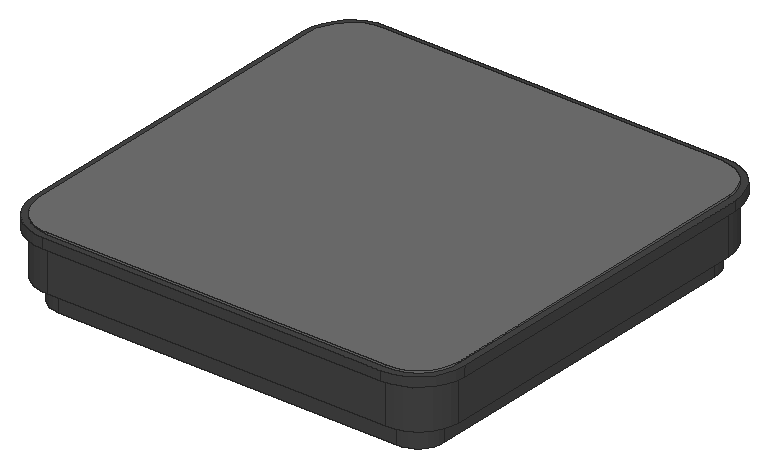
Revit family "QF_Vollrath_5950275", category Specialty Equipment, Revit 2016
Family settings
  Part Type = Normal
  Round Connector Dimension = Use Diameter
  OmniClass Number = 23.40.40.00
  OmniClass Title = Food Service Equipment and Furnishings
  Work Plane-Based = Yes
  Always vertical = Yes
  Cut with Voids When Loaded = No
  Shared = No
  Room Calculation Point = No
Parameters (values of type "120/50/1")
  Width = 16.0625"
  Weight in Pounds = 0
  Watts = 300 W
  Watermarked By = "http://revitwatermark.com"
  Volts = 120 V
  URL Cutsheet = ""
  Status [instance] = ""
  Specification by User [instance] = ""
  Specification by Manufacturer [instance] = ""
  Serial Number [instance] = ""
  Revision Code [instance] = ""
  Phase = 1
  Number of Poles [instance] = 1
  NAFEM Spec ID Number [instance] = ""
  Model = "5950275"  # constant formula
  Masterspec [instance] = ""
  Manufacturer = "Vollrath"
  Item Number [instance] = "-"
  Installed By [instance] = ""
  Furnished By [instance] = ""
  Foodservice Equipment Identifier = yes
  FL Amps = 2.6 A
  Electrical Remarks [instance] = ""
  Electric Connection Type [instance] = ""
  Elec Conn RI Height [instance] = 0.00"
  Elec Conn Connection Height = 2.00"
  Description = "Countertop Induction Range"
  Depth = 16.06"
  Default Elevation = 0.00"
  Cycle = 50 Hz
  Conn Plug = "NEMA 5-15P"
  CSI MasterFormat = ""
  Apparent Power = if(Phase = 3, Volts * FL Amps * 1.73, Volts * FL Amps)  # 312 VA
Types (3): name | Cycle
  (no name) | 50 Hz
  120/50/1 | 50 Hz
  120/60/1 | 60 Hz
Reference planes (in)
  plane 1 "BACK": y = 0
  plane 2: z = 0
  plane 3 "LEFT": x = 0
  plane 4 "RIGHT": x = 16.0625
  plane 5 "FRONT": y = -16.06
  plane 6 "Bottom 1": z = 0.84
  plane 7: z = 2.46
  plane 8 "Bottom of Induction": z = 0
  plane 9 "TOP": z = 2.81
  plane 10 "Back 1": y = -0.25
  plane 11 "Left 1": x = 0.25
  plane 12: x = 15.8125
  plane 13: y = -15.81
  plane 14: y = -0.75
  plane 15: x = 0.75
  plane 16: y = -15.31
  plane 17: x = 15.3125
  plane 18 "Top of Induction": z = 2.8725
Forms (in)
  Extrusion 1, solid, material "QF_Finishes_Black"
    sketch origin (0, 0, 2.81) x (0, 1, 0) y (-1, 0, 0)
      loop
        arc (0, -1.75) -> (-0.51256, -0.51256) -> (-1.75, 0) r 1.75
        line (-1.75, 0) -> (-14.31, 0)
        arc (-14.31, 0) -> (-15.54744, -0.51256) -> (-16.06, -1.75) r 1.75
        line (-16.06, -1.75) -> (-16.06, -14.3125)
        arc (-16.06, -14.3125) -> (-15.54744, -15.54994) -> (-14.31, -16.0625) r 1.75
        line (-14.31, -16.0625) -> (-1.75, -16.0625)
        arc (-1.75, -16.0625) -> (-0.51256, -15.54994) -> (0, -14.3125) r 1.75
        line (0, -14.3125) -> (0, -1.75)
    from 0 to -0.35
  Extrusion 2, solid, material "QF_Finishes_Black"
    sketch origin (0, 0, 0.84) x (0, 1, 0) y (-1, 0, 0)
      loop
        arc (-0.25, -1.75) -> (-0.68934, -0.68934) -> (-1.75, -0.25) r 1.5
        line (-1.75, -0.25) -> (-14.31, -0.25)
        arc (-14.31, -0.25) -> (-15.37066, -0.68934) -> (-15.81, -1.75) r 1.5
        line (-15.81, -1.75) -> (-15.81, -14.3125)
        arc (-15.81, -14.3125) -> (-15.37066, -15.37316) -> (-14.31, -15.8125) r 1.5
        line (-14.31, -15.8125) -> (-1.75, -15.8125)
        arc (-1.75, -15.8125) -> (-0.68934, -15.37316) -> (-0.25, -14.3125) r 1.5
        line (-0.25, -14.3125) -> (-0.25, -1.75)
    from 0 to 1.62
  Extrusion 3, solid, material "QF_Finishes_Black"
    sketch origin (0, 0, 0) x (0, 1, 0) y (-1, 0, 0)
      loop
        arc (-0.75, -1.75) -> (-1.04289, -1.04289) -> (-1.75, -0.75) r 1
        line (-1.75, -0.75) -> (-14.31, -0.75)
        arc (-14.31, -0.75) -> (-15.01711, -1.04289) -> (-15.31, -1.75) r 1
        line (-15.31, -1.75) -> (-15.31, -14.3125)
        arc (-15.31, -14.3125) -> (-15.01711, -15.01961) -> (-14.31, -15.3125) r 1
        line (-14.31, -15.3125) -> (-1.75, -15.3125)
        arc (-1.75, -15.3125) -> (-1.04289, -15.01961) -> (-0.75, -14.3125) r 1
        line (-0.75, -14.3125) -> (-0.75, -1.75)
    from 0 to 0.84
  Extrusion 4, solid, material "QF_Finishes_Dark Grey"
    sketch origin (0, 0, 2.8725) x (0, 1, 0) y (-1, 0, 0)
      loop
        arc (-0.25, -1.75) -> (-0.68934, -0.68934) -> (-1.75, -0.25) r 1.5
        line (-1.75, -0.25) -> (-14.31, -0.25)
        arc (-14.31, -0.25) -> (-15.37066, -0.68934) -> (-15.81, -1.75) r 1.5
        line (-15.81, -1.75) -> (-15.81, -14.3125)
        arc (-15.81, -14.3125) -> (-15.37066, -15.37316) -> (-14.31, -15.8125) r 1.5
        line (-14.31, -15.8125) -> (-1.75, -15.8125)
        arc (-1.75, -15.8125) -> (-0.68934, -15.37316) -> (-0.25, -14.3125) r 1.5
        line (-0.25, -14.3125) -> (-0.25, -1.75)
    from 0 to -0.0625
Lines and regions (in)
  symbolic lines
    curve 1: arc (1.75, 0, 2.8725) -> (0.51256, -0.51256, 2.8725) -> (0, -1.75, 2.8725) r 1.75
    curve 2: line (14.3125, 0, 2.8725) -> (1.75, 0, 2.8725)
    curve 3: line (0, -1.75, 2.8725) -> (0, -14.31, 2.8725)
    curve 4: arc (0, -14.31, 2.8725) -> (0.51256, -15.54744, 2.8725) -> (1.75, -16.06, 2.8725) r 1.75
    curve 5: line (1.75, -16.06, 2.8725) -> (14.3125, -16.06, 2.8725)
    curve 6: arc (14.3125, -16.06, 2.8725) -> (15.54994, -15.54744, 2.8725) -> (16.0625, -14.31, 2.8725) r 1.75
    curve 7: line (16.0625, -14.31, 2.8725) -> (16.0625, -1.75, 2.8725)
    curve 8: arc (16.0625, -1.75, 2.8725) -> (15.54994, -0.51256, 2.8725) -> (14.3125, 0, 2.8725) r 1.75
Dimensions and locks (in)
  "Width": plane 3 "LEFT" to plane 4 "RIGHT"
  "Depth": plane 5 "FRONT" to plane 1 "BACK"
  locked: plane 7 to plane 6 "Bottom 1" at 1.62
  locked: plane 6 "Bottom 1" to plane 8 "Bottom of Induction" at 0.84
  locked: plane 9 "TOP" to plane 7 at 0.35
  locked: plane 3 "LEFT" to plane 11 "Left 1" at 0.25
  locked: plane 12 to plane 4 "RIGHT" at 0.25
  locked: plane 10 "Back 1" to plane 1 "BACK" at 0.25
  locked: plane 5 "FRONT" to plane 13 at 0.25
  locked: plane 11 "Left 1" to plane 15 at 0.5
  locked: plane 17 to plane 12 at 0.5
  locked: plane 14 to plane 10 "Back 1" at 0.5
  locked: plane 13 to plane 16 at 0.5
  locked: plane 18 "Top of Induction" to plane 9 "TOP" at 0.0625
  aligned and locked: level to plane 2
  aligned and locked: plane 1 "BACK" to Extrusion 1 sketch curve
  aligned and locked: plane 3 "LEFT" to Extrusion 1 sketch curve
  aligned and locked: Extrusion 1 sketch curve to plane 5 "FRONT"
  aligned and locked: Extrusion 1 sketch curve to plane 4 "RIGHT"
  aligned and locked: Extrusion 1 to plane 7
  aligned and locked: plane 7 to Extrusion 2
  aligned and locked: plane 6 "Bottom 1" to Extrusion 3
  aligned and locked: Extrusion 4 to plane 9 "TOP"
Automatic sketch dimensions
  Extrusion 1 sketch curve to plane 13 = 1.50"  (x2)
  plane 10 "Back 1" to Extrusion 1 sketch curve = 1.50"  (x2)
  plane 13 to Extrusion 2 sketch curve = 0.00"
  Extrusion 2 sketch curve to Extrusion 2 sketch curve = 1.50"
  Extrusion 2 sketch curve to plane 11 "Left 1" = 0.00"
  Extrusion 2 sketch curve to plane 12 = 0.00"
  Extrusion 2 sketch curve to plane 12 = 1.50"
  plane 10 "Back 1" to Extrusion 2 sketch curve = 0.00"
  plane 10 "Back 1" to Extrusion 2 sketch curve = 1.50"  (x2)
  plane 10 "Back 1" to Extrusion 3 sketch curve = 0.50"
  Extrusion 3 sketch curve to plane 15 = 0.00"
  Extrusion 3 sketch curve to plane 16 = 1.00"
  plane 16 to Extrusion 3 sketch curve = 0.00"
  Extrusion 3 sketch curve to plane 17 = 0.00"
  Extrusion 3 sketch curve to Extrusion 3 sketch curve = 1.00"
  plane 14 to Extrusion 3 sketch curve = 1.00"  (x2)
  Extrusion 4 sketch curve to plane 11 "Left 1" = 0.00"
  plane 10 "Back 1" to Extrusion 4 sketch curve = 0.00"
  plane 14 to Extrusion 4 sketch curve = 1.00"
  Extrusion 4 sketch curve to plane 17 = 1.00"
  Extrusion 4 sketch curve to plane 12 = 0.00"
  Extrusion 4 sketch curve to plane 16 = 1.00"
  plane 13 to Extrusion 4 sketch curve = 0.00"
  plane 15 to Extrusion 4 sketch curve = 1.00"
  curve 1 to plane 3 "LEFT" = 0.00"
  plane 1 "BACK" to curve 2 = 0.00"
  plane 14 to curve 1 = 1.00"
  curve 3 to plane 16 = 1.00"
  plane 5 "FRONT" to curve 4 = 0.00"
  curve 5 to plane 17 = 1.00"
  curve 6 to plane 4 "RIGHT" = 0.00"
  plane 14 to curve 7 = 1.00"
